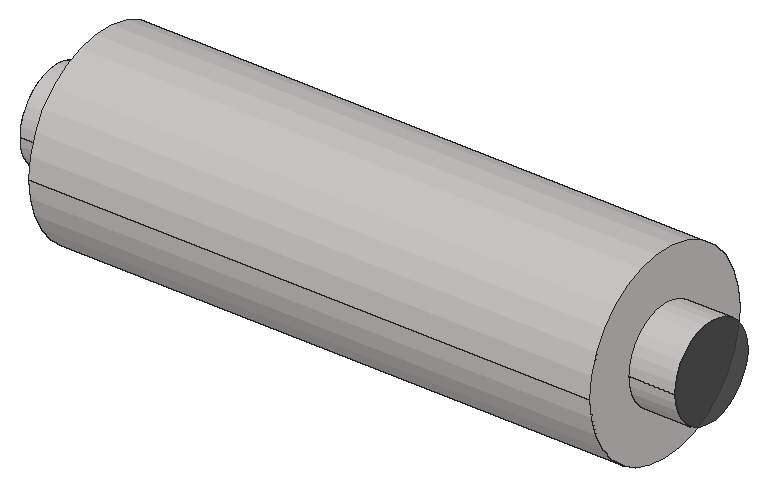
Revit family "HARMANN -Tłumik_Akustyczny-Harmann-SDQ_100_315", category Akcesoria wentylacyjne, Revit 2022
Family settings
  Wymiar okrągłego złącza = Użyj średnicy
  Typ części = Dzieli na
  Oparty na płaszczyźnie roboczej = Nie
  Zawsze pionowo = Tak
  Tnij formami wycięć po wczytaniu = Nie
  Współdzielony = Nie
Parameters (values of type "100-0600")
  s1_l2 = 300.0 mm
  s1_l1 = 300.0 mm
  s1_d0 = 200.0 mm
  nr = 1
  nr_n1 = 1
  l2_a0 = 300.0 mm
  l2 [instance] = l2_a0  # 300.0 mm
  l1_a0 = 300.0 mm
  l1 [instance] = l1_a0  # 300.0 mm
  dn = 100.0 mm
  Vis Symbol [instance] = 1 = 1  # yes
  Vis Komponent N1 [instance] = 1 = 1  # yes
  Uwaga Użytkownika [instance] = ""
  Uwaga Układ [instance] = ""
  Uwaga Oznaczenie [instance] = ""
  Uwaga Ostrzeżenie [instance] = ""
  built-in parameter 1114242 [instance] = 1 = 0  # (empty or 0)
  Typoszereg Symbol [instance] = "SDQ"  # constant formula
  Typoszereg Nazwa [instance] = "Tłumik Akustyczny SDQ"  # constant formula
  Systematyka Rodzaj = "Tłumik Akustyczny"  # constant formula
  Systematyka Klasa = "Akcesorium"  # constant formula
  Systematyka Dziedzina = "Instalacje Wentylacyjne"  # constant formula
  Systematyka Branża = "Instalacje Sanitarne"  # constant formula
  Prt Komponent N1 = VE-Komponent-ParaForma-Harmann-SDS-N1a : Harmann
  Producent URL = ""
  Producent Nazwa = "Harmann Polska Sp. z o.o."  # constant formula
  Powietrze Współczynnik ζ = 0.15
  Powietrze Temperatura Minimalna = -25.0 °C
  Powietrze Temperatura Maksymalna = 60.0 °C
  Powietrze Strata Ciśnienia Rzeczywista [instance] = (Powietrze Współczynnik ζ * Powietrze Gęstość Nominalna * Powietrze Prędkość Rzeczywista ^ 2) / 2  # 0.0 Pa
  Powietrze Strata Ciśnienia Nominalna = 1.5 Pa
  Powietrze Prędkość Rzeczywista [instance] = Powietrze Przepływ Rzeczywisty / Powietrze Powierzchnia Czynna  # 0.0 m/s
  Powietrze Przepływ Rzeczywisty [instance] = 0 m³/h
  Powietrze Przepływ Nominalny = 100 m³/h
  Powietrze Przepływ Minimalny = 10 m³/h
  Powietrze Przepływ Maksymalny = 160 m³/h
  Powietrze Powierzchnia Czynna = 0.0079 m²
  Powietrze Gęstość Nominalna = 1.2000 kg/m³  # constant formula
  Podaj Rzeczywistą Temperaturę Powietrza [instance] = -273.15 °C
  Podaj Rzeczywistą Temperaturę Otoczenia [instance] = -273.15 °C
  Otoczenie Temperatura Rzeczywista [instance] = Podaj Rzeczywistą Temperaturę Otoczenia  # -273.15 °C
  Otoczenie Temperatura Minimalna = -25.0 °C
  Otoczenie Temperatura Maksymalna = 60.0 °C
  Keynote = "SDQ 100-600"
  Opis = "Tłumik akustyczny sztywny"
  Object Version = "1.00"  # constant formula
  Object URL = ""
  Object Revit = "2018"  # constant formula
  Object Language = "PL"  # constant formula
  Object ID = "F001102RFAPL"  # constant formula
  Object Destination = "PL"  # constant formula
  Object Date = "2020.12.29"  # constant formula
  Model = "SDQ 100-600"
  Masa Netto = 3.0 kg
  Producent = "Harmann Polska Sp. z o.o."  # constant formula
  Kod Zamówienia = "SDQ 100-600"
  Kod Typoszereg = "SDQ"  # constant formula
  Kod Producent = "Harmann"  # constant formula
  Kod Numer Katalogowy = "20411100"
  IfcExportType = "ROUND"  # constant formula
  IfcExportAs = "IfcDuctSilencerType"  # constant formula
  Domyślna rzędna = 0.0 mm
  Copyright URL = ""
  Copyright = "© Harmann Polska Sp. z o.o. Wszelkie prawa zastrzeżone."  # constant formula
  Autor URL = ""
  Autor Nazwa = ""
Types (18, lengths in mm): name | s1_l2 | s1_l1 | s1_d0 | nr | l2_a0 | l2 | l1_a0 | l1 | dn | Powietrze Współczynnik ζ | Powietrze Strata Ciśnienia Nominalna | Powietrze Przepływ Nominalny | Powietrze Przepływ Minimalny | Powietrze Przepływ Maksymalny | Powietrze Powierzchnia Czynna | Keynote | Opis | Model | Masa Netto | Kod Zamówienia | Kod Numer Katalogowy
  100-0600 | 300.0 | 300.0 | 200.0 | 1 | 300.0 | 300.0 | 300.0 | 300.0 | 100.0 | 0.15 | 1.5 Pa | 100 m³/h | 10 m³/h | 160 m³/h | 0.0079 m² | "SDQ 100-600" | "Tłumik akustyczny sztywny" | "SDQ 100-600" | 3.0 kg | "SDQ 100-600" | "20411100"
  100-0900 | 450.0 | 450.0 | 200.0 | 2 | 450.0 | 450.0 | 450.0 | 450.0 | 100.0 | 0.16 | 1.6 Pa | 100 m³/h | 10 m³/h | 160 m³/h | 0.0079 m² | "SDQ 100-900" | "Tłumik akustyczny sztywny" | "SDQ 100-900" | 5.0 kg | "SDQ 100-900" | "20412100"
  100-1200 | 600.0 | 600.0 | 200.0 | 3 | 600.0 | 600.0 | 600.0 | 600.0 | 100.0 | 0.28 | 1.7 Pa | 100 m³/h | 10 m³/h | 160 m³/h | 0.0079 m² | "SDQ 100-1200" | "Tłumik akustyczny sztywny" | "SDQ 100-1200" | 7.0 kg | "SDQ 100-1200" | "20413100"
  125-0600 | 300.0 | 300.0 | 200.0 | 1 | 300.0 | 300.0 | 300.0 | 300.0 | 125.0 | 0.12 | 1.0 Pa | 150 m³/h | 15 m³/h | 250 m³/h | 0.0123 m² | "SDQ 125-600" | "Tłumik akustyczny sztywny" | "SDQ 125-600" | 4.0 kg | "SDQ 125-600" | "20411125"
  125-0900 | 450.0 | 450.0 | 224.0 | 2 | 450.0 | 450.0 | 450.0 | 450.0 | 125.0 | 0.14 | 1.2 Pa | 150 m³/h | 15 m³/h | 250 m³/h | 0.0123 m² | "SDQ 125-900" | "Tłumik akustyczny sztywny" | "SDQ 125-900" | 7.0 kg | "SDQ 125-900" | "20412125"
  125-1200 | 600.0 | 600.0 | 224.0 | 3 | 600.0 | 600.0 | 600.0 | 600.0 | 125.0 | 0.21 | 1.4 Pa | 150 m³/h | 15 m³/h | 250 m³/h | 0.0123 m² | "SDQ 125-1200" | "Tłumik akustyczny sztywny" | "SDQ 125-1200" | 9.0 kg | "SDQ 125-1200" | "20413125"
  160-0600 | 300.0 | 300.0 | 260.0 | 1 | 300.0 | 300.0 | 300.0 | 300.0 | 160.0 | 0.1 | 1.0 Pa | 250 m³/h | 20 m³/h | 400 m³/h | 0.0201 m² | "SDQ 160-600" | "Tłumik akustyczny sztywny" | "SDQ 160-600" | 6.0 kg | "SDQ 160-600" | "20411160"
  160-0900 | 450.0 | 450.0 | 260.0 | 2 | 450.0 | 450.0 | 450.0 | 450.0 | 160.0 | 0.11 | 1.1 Pa | 250 m³/h | 20 m³/h | 400 m³/h | 0.0201 m² | "" | 0.0 | "" | 8.0 kg | "SDQ 160-900" | "20412160"
  160-1200 | 600.0 | 600.0 | 260.0 | 3 | 600.0 | 600.0 | 600.0 | 600.0 | 160.0 | 0.2 | 1.3 Pa | 250 m³/h | 20 m³/h | 400 m³/h | 0.0201 m² | "SDQ 160-1200" | "Tłumik akustyczny sztywny" | "SDQ 160-1200" | 10.0 kg | "SDQ 160-1200" | "20413160"
  200-0600 | 300.0 | 300.0 | 315.0 | 1 | 300.0 | 300.0 | 300.0 | 300.0 | 200.0 | 0.08 | 0.7 Pa | 400 m³/h | 30 m³/h | 650 m³/h | 0.0314 m² | "SDQ 200-600" | "Tłumik akustyczny sztywny" | "SDQ 200-600" | 7.0 kg | "SDQ 200-600" | "20411200"
  200-0900 | 450.0 | 450.0 | 315.0 | 2 | 450.0 | 450.0 | 450.0 | 450.0 | 200.0 | 0.09 | 0.8 Pa | 400 m³/h | 30 m³/h | 650 m³/h | 0.0314 m² | "SDQ 200-900" | "Tłumik akustyczny sztywny" | "SDQ 200-900" | 10.0 kg | "SDQ 200-900" | "20412200"
  200-1200 | 600.0 | 600.0 | 315.0 | 3 | 600.0 | 600.0 | 600.0 | 600.0 | 200.0 | 1.6 | 1.0 Pa | 400 m³/h | 30 m³/h | 650 m³/h | 0.0314 m² | "SDQ 200-1200" | "Tłumik akustyczny sztywny" | "SDQ 200-1200" | 12.0 kg | "SDQ 200-1200" | "20413200"
  250-0600 | 300.0 | 300.0 | 355.0 | 1 | 300.0 | 300.0 | 300.0 | 300.0 | 250.0 | 0.08 | 0.7 Pa | 600 m³/h | 50 m³/h | 1000 m³/h | 0.0491 m² | "SDQ 250-600" | "Tłumik akustyczny sztywny" | "SDQ 250-600" | 9.0 kg | "SDQ 250-600" | "20411250"
  250-0900 | 450.0 | 450.0 | 355.0 | 2 | 450.0 | 450.0 | 450.0 | 450.0 | 250.0 | 0.09 | 0.8 Pa | 600 m³/h | 50 m³/h | 1000 m³/h | 0.0491 m² | "SDQ 250-900" | "Tłumik akustyczny sztywny" | "SDQ 250-900" | 12.0 kg | "SDQ 250-900" | "20412250"
  250-1200 | 600.0 | 600.0 | 355.0 | 3 | 600.0 | 600.0 | 600.0 | 600.0 | 250.0 | 0.14 | 1.0 Pa | 600 m³/h | 50 m³/h | 1000 m³/h | 0.0491 m² | "SDQ 250-1200" | "Tłumik akustyczny sztywny" | "SDQ 250-1200" | 15.0 kg | "SDQ 250-1200" | "20413250"
  315-0600 | 300.0 | 300.0 | 500.0 | 1 | 300.0 | 300.0 | 300.0 | 300.0 | 315.0 | 0.055 | 0.6 Pa | 1000 m³/h | 80 m³/h | 1600 m³/h | 0.0779 m² | "SDQ 315-600" | "Tłumik akustyczny sztywny" | "SDQ 315-600" | 12.0 kg | "SDQ 315-600" | "20411315"
  315-0900 | 450.0 | 450.0 | 500.0 | 2 | 450.0 | 450.0 | 450.0 | 450.0 | 315.0 | 0.07 | 0.7 Pa | 1000 m³/h | 80 m³/h | 1600 m³/h | 0.0779 m² | "SDQ 315-900" | "Tłumik akustyczny sztywny" | "SDQ 315-900" | 18.0 kg | "SDQ 315-900" | "20412315"
  315-1200 | 600.0 | 600.0 | 500.0 | 3 | 600.0 | 600.0 | 600.0 | 600.0 | 315.0 | 0.12 | 1.1 Pa | 1000 m³/h | 80 m³/h | 1600 m³/h | 0.0779 m² | "SDQ 315-1200" | "Tłumik akustyczny sztywny" | "SDQ 315-1200" | 18.0 kg | "SDQ 315-1200" | "20413315\r\n20413315"
Reference planes
  plane 1 "XZC00": y = 0
  plane 2 "XYC00": z = 0
  plane 3 "YZC00": x = 0
  plane 4 "YZN99": x = -1000
  plane 5 "XZN99": y = -1000
  plane 6 "XYP99": z = 1000
  plane 7 "XYN99": z = -1000
  plane 8 "YZP99": x = 1000
  plane 9 "XZP99": y = 1000
Lines and regions (mm)
  reference lines
    curve 1: line (-300, 0, 0) -> (0, 0, 0)
    curve 2: line (0, 0, 0) -> (300, 0, 0)
Dimensions and locks
  "l1": curve 1 to plane 3 "YZC00"
  "l2": plane 3 "YZC00" to curve 2
  angle nested 1 to plane 2 "XYC00" = 0.00°
  angle nested 1 to plane 1 "XZC00" = 0.00°
  aligned and locked: level to plane 2 "XYC00"
  aligned and locked: curve 1 to plane 2 "XYC00"
  aligned and locked: curve 1 to plane 1 "XZC00"
  aligned and locked: plane 3 "YZC00" to curve 2
  aligned and locked: curve 2 to plane 1 "XZC00"
  aligned and locked: plane 2 "XYC00" to nested 1
  aligned and locked: plane 1 "XZC00" to nested 1
  aligned and locked: plane 3 "YZC00" to nested 1
Automatic sketch dimensions
  curve 1 to plane 3 "YZC00" = 0.0 mm
Nested families
  nested 1: "VE-Komponent-ParaForma-Harmann-SDS-N1a" at (0, 0, 0), dn <- "dn", nr <- "nr", nx <- "nr_n1", type <- "Prt Komponent N1", Vis Komponent <- "Vis Komponent N1", visible <- "Vis Komponent N1", type "Harmann", detail levels medium+fine
    with p2_l2 350.0 mm, p2_l1 300.0 mm, p2_d1 98.0 mm, p1_l2 300.0 mm, p1_l1 0.0 mm, p1_d1 200.0 mm, nx 1, nr 1, dn 100.0 mm, Vis Komponent yes, built-in parameter 1114242 (empty or 0)
  nested 2: "VE-Symbol-ParaForma-Harmann-Akcesorium-Tłumik_Akustyczny" at (0, 0, 0), l1 <- "s1_l1", l2 <- "s1_l2", visible <- "Vis Symbol", Vis Komponent <- "Vis Symbol", d0 <- "s1_d0", type "Harmann", detail levels coarse+medium
    with x3 150.0 mm, x2 150.0 mm, x1 150.0 mm, x0 150.0 mm, s075 150.0 mm, s050 100.0 mm, s025 50.0 mm, l2 300.0 mm, l1 300.0 mm, d0 200.0 mm, Vis Komponent yes, built-in parameter 1114242 (empty or 0)
Connectors
  hvac at (-300, 0, 0), driven by "dn", driven by "Powietrze Strata Ciśnienia Rzeczywista", driven by "Powietrze Przepływ Rzeczywisty"
    settings: on curve 1, index 1, duct flow 0 m³/h, flow factor 0, pres drop 0.0 Pa, loss coef 0, conn angle 0.00°, conn width 250 mm, conn height 250 mm, conn diameter 100 mm, duct sys type 29, conn prof type 0, flow config 0, flow direction 0, loss method 4, conn ref index -1, conn util no, is conn primary yes, conn desc ""
  hvac at (300, 0, 0), driven by "dn", driven by "Powietrze Przepływ Rzeczywisty"
    settings: on curve 2, index 2, duct flow 0 m³/h, flow factor 0, pres drop 0.0 Pa, loss coef 0, conn angle 0.00°, conn width 250 mm, conn height 250 mm, conn diameter 100 mm, duct sys type 29, conn prof type 0, flow config 0, flow direction 0, loss method 4, conn ref index -1, conn util no, is conn primary no, conn desc ""
Definition of nested family "VE-Komponent-ParaForma-Harmann-SDS-N1a"
  Parameters (values of type "Harmann")
    p2_l2 [instance] = size_lookup(Tab Typoszereg, "p2_l2", 0.0 mm, if(nx = _nx, dn, _dn), if(nx = _nx, nr, _nr))  # 350.0 mm
    p2_l1 [instance] = size_lookup(Tab Typoszereg, "p2_l1", 0.0 mm, if(nx = _nx, dn, _dn), if(nx = _nx, nr, _nr))  # 300.0 mm
    p2_d1 [instance] = size_lookup(Tab Typoszereg, "p2_d1", 0.0 mm, if(nx = _nx, dn, _dn), if(nx = _nx, nr, _nr))  # 123.0 mm
    p1_l2 [instance] = size_lookup(Tab Typoszereg, "p1_l2", 0.0 mm, if(nx = _nx, dn, _dn), if(nx = _nx, nr, _nr))  # 300.0 mm
    p1_l1 [instance] = size_lookup(Tab Typoszereg, "p1_l1", 0.0 mm, if(nx = _nx, dn, _dn), if(nx = _nx, nr, _nr))  # 0.0 mm
    p1_d1 [instance] = size_lookup(Tab Typoszereg, "p1_d1", 0.0 mm, if(nx = _nx, dn, _dn), if(nx = _nx, nr, _nr))  # 224.0 mm
    nx [instance] = 1
    nr [instance] = 1
    _nx = 1
    dn [instance] = 125.0 mm
    _nr = 1
    _dn = 125.0 mm
    Vis Komponent [instance] = yes
    built-in parameter 1114242 [instance] = 1 = 0  # (empty or 0)
    Tab Typoszereg = "Tab-Dim-SDS-N1a"  # constant formula
    Producent URL = "http://www.paraforma.pl/M0003PL"
    Producent Nazwa = "Harmann Polska Sp. z o.o."  # constant formula
    Object Version = "1.00"  # constant formula
    Object Revit = "2018"  # constant formula
    Object Language = "PL"  # constant formula
    Object Destination = "PL"  # constant formula
    Object Date = "2020.12.29"  # constant formula
    Manufacturer = "Harmann Polska Sp. z o.o."  # constant formula
    Default Elevation = 0.0 mm
    Copyright URL = "http://www.paraforma.pl/copyright"
    Copyright = "© Harmann Polska Sp. z o.o. & ParaForma Bartosz Pawłowski. Wszelkie prawa zastrzeżone."  # constant formula
    Autor URL = "http://www.paraforma.pl/"
    Autor Nazwa = "ParaForma Bartosz Pawłowski"  # constant formula
  Reference planes
    plane 1 "XZC00": y = 0
    plane 2 "XYC00": z = 0
    plane 3 "YZC00": x = 0
    plane 4 "YZN99": x = -1000
    plane 5 "XZN99": y = -1000
    plane 6 "XYP99": z = 1000
    plane 7 "XYN99": z = -1000
    plane 8 "YZP99": x = 1000
    plane 9 "XZP99": y = 1000
    plane 10 "XZC01": y = 0
    plane 11 "YZC01": x = 0
    plane 12 "XYC01": z = 0
    plane 13 "XZC02": y = 0
    plane 14 "YZC02": x = 0
    plane 15 "XYC02": z = 0
    plane 16 "XZC03": y = 0
    plane 17 "YZC03": x = 0
    plane 18 "XYC03": z = 0
  Forms (mm)
    Sweep 1, solid, visible <- "Vis Komponent", detail levels fine
      path origin (0, 0, 0) x (1, 0, 0) y (0, 1, 0)
        loop
          line (-300, 0) -> (300, 0)
      profile origin (0, 0, 0) x (0, 1, 0) y (0, 0, 1)
        loop
          circle (0, 0) r 112
    Sweep 2, solid, visible <- "Vis Komponent", detail levels medium
      path origin (0, 0, 0) x (1, 0, 0) y (0, 1, 0)
        loop
          line (-300, 0) -> (300, 0)
      profile origin (0, 0, 0) x (0, 1, 0) y (0, 0, 1)
        loop
          circle (0, 0) r 112
    Sweep 3, solid, visible <- "Vis Komponent", detail levels fine
      path origin (0, 0, 0) x (1, 0, 0) y (0, 1, 0)
        loop
          line (-350, 0) -> (-300, 0)
      profile origin (-325, 0, 0) x (0, 1, 0) y (0, 0, 1)
        loop
          circle (0, 0) r 61.5
    Sweep 4, solid, visible <- "Vis Komponent", detail levels fine
      path origin (700, 0, 0) x (1, 0, 0) y (0, 1, 0)
        loop
          line (-400, 0) -> (-350, 0)
      profile origin (325, 0, 0) x (0, 1, 0) y (0, 0, 1)
        loop
          circle (0, 0) r 61.5
    Sweep 5, solid, visible <- "Vis Komponent", detail levels medium
      path origin (0, 0, 0) x (1, 0, 0) y (0, 1, 0)
        loop
          line (-350, 0) -> (-300, 0)
      profile origin (-325, 0, 0) x (0, 1, 0) y (0, 0, 1)
        loop
          circle (0, 0) r 61.5
    Sweep 6, solid, visible <- "Vis Komponent", detail levels medium
      path origin (0, 0, 0) x (1, 0, 0) y (0, 1, 0)
        loop
          line (300, 0) -> (350, 0)
      profile origin (325, 0, 0) x (0, 1, 0) y (0, 0, 1)
        loop
          circle (0, 0) r 61.5
  Dimensions and locks
    "p1_l2": Sweep 1 sketch curve to plane 11 "YZC01"
    "p1_l2": plane 11 "YZC01" to Sweep 1 sketch curve
    "p2_l1": Sweep 3 sketch curve to plane 11 "YZC01"
    "p2_l2": Sweep 3 sketch curve to plane 11 "YZC01"
    "p2_l1": plane 11 "YZC01" to Sweep 4 sketch curve
    "p2_l2": plane 11 "YZC01" to Sweep 4 sketch curve
    "p1_l2": Sweep 2 sketch curve to plane 14 "YZC02"
    "p1_l2": plane 14 "YZC02" to Sweep 2 sketch curve
    "p2_l1": Sweep 5 sketch curve to plane 14 "YZC02"
    "p2_l2": Sweep 5 sketch curve to plane 14 "YZC02"
    "p2_l1": plane 14 "YZC02" to Sweep 6 sketch curve
    "p2_l2": plane 14 "YZC02" to Sweep 6 sketch curve
    "p1_d1": diameter of Sweep 1 sketch curve
    "p1_d1": diameter of Sweep 2 sketch curve
    "p2_d1": diameter of Sweep 3 sketch curve
    "p2_d1": diameter of Sweep 4 sketch curve
    "p2_d1": diameter of Sweep 5 sketch curve
    "p2_d1": diameter of Sweep 6 sketch curve
    aligned and locked: level to plane 2 "XYC00"
    aligned and locked: plane 3 "YZC00" to plane 11 "YZC01"
    aligned and locked: plane 3 "YZC00" to plane 14 "YZC02"
    aligned and locked: plane 10 "XZC01" to plane 1 "XZC00"
    aligned and locked: plane 13 "XZC02" to plane 1 "XZC00"
    aligned and locked: plane 2 "XYC00" to plane 12 "XYC01"
    aligned and locked: plane 2 "XYC00" to plane 15 "XYC02"
    aligned and locked: plane 17 "YZC03" to plane 3 "YZC00"
    aligned and locked: plane 16 "XZC03" to plane 1 "XZC00"
    aligned and locked: plane 18 "XYC03" to plane 2 "XYC00"
    aligned and locked: Sweep 1 sketch curve to plane 10 "XZC01"
    aligned and locked: profile plane to Sweep 1 sketch curve  (x2)
    aligned and locked: profile plane to Sweep 2 sketch curve  (x2)
    aligned and locked: profile plane to Sweep 3 sketch curve  (x2)
    aligned and locked: Sweep 3 sketch curve to plane 10 "XZC01"
    aligned and locked: profile plane to Sweep 4 sketch curve  (x2)
    aligned and locked: Sweep 4 sketch curve to plane 10 "XZC01"
    aligned and locked: Sweep 2 sketch curve to plane 13 "XZC02"
    aligned and locked: profile plane to Sweep 5 sketch curve  (x2)
    aligned and locked: profile plane to Sweep 6 sketch curve  (x2)
    aligned and locked: Sweep 5 sketch curve to plane 13 "XZC02"
    aligned and locked: Sweep 6 sketch curve to plane 13 "XZC02"
Definition of nested family "VE-Symbol-ParaForma-Harmann-Akcesorium-Tłumik_Akustyczny"
  Parameters (values of type "Harmann")
    s075 [instance] = d0 * 0.75  # 150.0 mm
    s050 [instance] = d0 * 0.5  # 100.0 mm
    s025 [instance] = d0 * 0.25  # 50.0 mm
    l2 [instance] = 300.0 mm
    l1 [instance] = 300.0 mm
    d0 [instance] = 200.0 mm
    x3 [instance] = if(not(l1 + l2 < 8 * x0), 5 * x0, x0)  # 150.0 mm
    x2 [instance] = if(not(l1 + l2 < 6 * x0), 3 * x0, x0)  # 150.0 mm
    x1 [instance] = if(not(l1 + l2 < 4 * x0), 1 * x0, x0)  # 150.0 mm
    x0 [instance] = (l1 + l2) / (round((l1 + l2) / 150.0 mm))  # 150.0 mm
    Vis Komponent [instance] = yes
    built-in parameter 1114242 [instance] = 1 = 0  # (empty or 0)
    Producent URL = "http://www.paraforma.pl/M0003PL"
    Producent Nazwa = "Harmann Polska Sp. z o.o."  # constant formula
    Object Version = "1.00"  # constant formula
    Object Revit = "2018"  # constant formula
    Object Language = "PL"  # constant formula
    Object Destination = "PL"  # constant formula
    Object Date = "2020.12.29"  # constant formula
    Manufacturer = "Harmann Polska Sp. z o.o."  # constant formula
    Default Elevation = 0.0 mm
    Copyright URL = "http://www.paraforma.pl/copyright"
    Copyright = "© Harmann Polska Sp. z o.o. & ParaForma Bartosz Pawłowski. Wszelkie prawa zastrzeżone."  # constant formula
    Autor URL = "http://www.paraforma.pl/"
    Autor Nazwa = "ParaForma Bartosz Pawłowski"  # constant formula
  Reference planes
    plane 1 "XZC00": y = 0
    plane 2 "XYC00": z = 0
    plane 3 "YZC00": x = 0
    plane 4 "YZN99": x = -1000
    plane 5 "XZN99": y = -1000
    plane 6 "XYP99": z = 1000
    plane 7 "XYN99": z = -1000
    plane 8 "YZP99": x = 1000
    plane 9 "XZP99": y = 1000
    plane 10 "XZC03": y = 0
    plane 11 "YZC03": x = 0
    plane 12 "XYC03": z = 0
    plane 13 "YZN01": x = -300
  Lines and regions (mm)
    symbolic lines, visible <- "Vis Komponent", detail levels coarse+medium
      curve 1: line (-300, -100, 0) -> (300, -100, 0)
      curve 2: line (-300, 100, 0) -> (-300, -100, 0)
      curve 3: line (300, 100, 0) -> (-300, 100, 0)
      curve 4: line (300, -100, 0) -> (300, 100, 0)
      curve 5: line (-300, 0, -100) -> (300, 0, -100)
      curve 6: line (-300, 0, 100) -> (-300, 0, -100)
      curve 7: line (300, 0, 100) -> (-300, 0, 100)
      curve 8: line (300, 0, -100) -> (300, 0, 100)
      curve 9: line (-150, 50, 0) -> (-150, -100, 0)
      curve 10: line (0, 100, 0) -> (0, -50, 0)
      curve 11: line (150, 50, 0) -> (150, -100, 0)
      curve 12: line (-150, 50, 0) -> (-150, -100, 0)
      curve 13: line (0, 100, 0) -> (0, -50, 0)
      curve 14: line (150, 50, 0) -> (150, -100, 0)
      curve 15: line (-150, 50, 0) -> (-150, -100, 0)
      curve 16: line (0, 100, 0) -> (0, -50, 0)
      curve 17: line (150, 50, 0) -> (150, -100, 0)
      curve 31: line (0, 0, 100) -> (0, 0, -50)
      curve 32: line (-150, 0, 50) -> (-150, 0, -100)
      curve 33: line (150, 0, 50) -> (150, 0, -100)
      curve 34: line (0, 0, 100) -> (0, 0, -50)
      curve 35: line (-150, 0, 50) -> (-150, 0, -100)
      curve 36: line (150, 0, 50) -> (150, 0, -100)
      curve 37: line (0, 0, 100) -> (0, 0, -50)
      curve 38: line (-150, 0, 50) -> (-150, 0, -100)
      curve 39: line (150, 0, 50) -> (150, 0, -100)
    model lines, visible <- "Vis Komponent", detail levels coarse
      curve 18: line (-300, -100, 0) -> (300, -100, 0)
      curve 19: line (-300, 100, 0) -> (-300, -100, 0)
      curve 20: line (300, 100, 0) -> (-300, 100, 0)
      curve 21: line (300, -100, 0) -> (300, 100, 0)
      curve 22: line (-150, 50, 0) -> (-150, -100, 0)
      curve 23: line (0, 100, 0) -> (0, -50, 0)
      curve 24: line (150, 50, 0) -> (150, -100, 0)
      curve 25: line (-150, 50, 0) -> (-150, -100, 0)
      curve 26: line (0, 100, 0) -> (0, -50, 0)
      curve 27: line (150, 50, 0) -> (150, -100, 0)
      curve 28: line (-150, 50, 0) -> (-150, -100, 0)
      curve 29: line (0, 100, 0) -> (0, -50, 0)
      curve 30: line (150, 50, 0) -> (150, -100, 0)
  Dimensions and locks
    "l1": curve 2 to plane 11 "YZC03"
    "l2": plane 11 "YZC03" to curve 4
    "d0": curve 1 to curve 3
    equal spacing: curve 3, plane 10 "XZC03", curve 1
    "d0": curve 7 to curve 5
    equal spacing: curve 7, plane 12 "XYC03", curve 5
    "l1": curve 6 to plane 11 "YZC03"
    "l2": curve 8 to plane 11 "YZC03"
    "l1": plane 13 "YZN01" to plane 11 "YZC03"
    "x0": curve 9 to curve 10
    "x0": curve 10 to curve 11
    "x0": curve 12 to curve 13
    "x0": curve 13 to curve 14
    "x0": curve 15 to curve 16
    "x0": curve 16 to curve 17
    "x1": plane 13 "YZN01" to curve 9
    "x2": plane 13 "YZN01" to curve 12
    "x3": plane 13 "YZN01" to curve 15
    "s025": curve 9 to plane 10 "XZC03"
    "s025": curve 11 to plane 10 "XZC03"
    "s025": curve 12 to plane 10 "XZC03"
    "s025": curve 14 to plane 10 "XZC03"
    "s025": curve 15 to plane 10 "XZC03"
    "s025": curve 17 to plane 10 "XZC03"
    "s025": plane 10 "XZC03" to curve 10
    "s025": plane 10 "XZC03" to curve 13
    "s025": plane 10 "XZC03" to curve 16
    "d0": curve 18 to curve 20
    equal spacing: curve 20, plane 10 "XZC03", curve 18
    "x0": curve 22 to curve 23
    "x0": curve 23 to curve 24
    "x0": curve 25 to curve 26
    "x0": curve 26 to curve 27
    "x0": curve 28 to curve 29
    "x0": curve 29 to curve 30
    "s025": curve 22 to plane 10 "XZC03"
    "s025": curve 24 to plane 10 "XZC03"
    "s025": curve 25 to plane 10 "XZC03"
    "s025": curve 27 to plane 10 "XZC03"
    "s025": curve 28 to plane 10 "XZC03"
    "s025": curve 30 to plane 10 "XZC03"
    "s025": plane 10 "XZC03" to curve 23
    "s025": plane 10 "XZC03" to curve 26
    "s025": plane 10 "XZC03" to curve 29
    "x1": plane 13 "YZN01" to curve 22
    "x2": plane 13 "YZN01" to curve 25
    "x3": plane 13 "YZN01" to curve 28
    "s025": curve 32 to plane 12 "XYC03"
    "s025": plane 12 "XYC03" to curve 31
    "s025": curve 33 to plane 12 "XYC03"
    "x1": curve 32 to plane 13 "YZN01"
    "x0": curve 32 to curve 31
    "x0": curve 31 to curve 33
    "s025": curve 35 to plane 12 "XYC03"
    "s025": plane 12 "XYC03" to curve 34
    "s025": curve 36 to plane 12 "XYC03"
    "x0": curve 35 to curve 34
    "x0": curve 34 to curve 36
    "s025": curve 38 to plane 12 "XYC03"
    "s025": plane 12 "XYC03" to curve 37
    "s025": curve 39 to plane 12 "XYC03"
    "x0": curve 38 to curve 37
    "x0": curve 37 to curve 39
    "x2": curve 35 to plane 13 "YZN01"
    "x3": plane 13 "YZN01" to curve 38
    "l1": curve 19 to plane 11 "YZC03"
    "l2": plane 11 "YZC03" to curve 21
    aligned and locked: level to plane 2 "XYC00"
    aligned and locked: plane 3 "YZC00" to plane 11 "YZC03"
    aligned and locked: plane 10 "XZC03" to plane 1 "XZC00"
    aligned and locked: plane 12 "XYC03" to plane 2 "XYC00"
  Automatic sketch dimensions
    curve 30 to curve 17 = 0.0 mm
